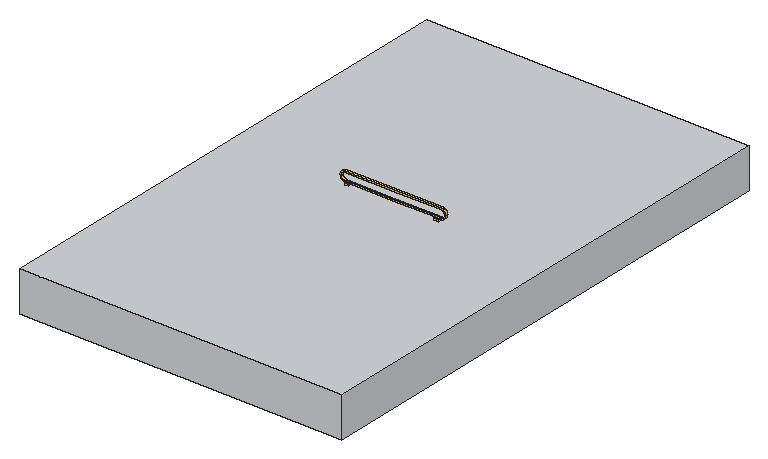
Revit family "Towel_Bar-GROHE-Starlight-41058_Series", category Plumbing Fixtures, host Face, Revit 2016
Family settings
  Host = Face
  Part Type = Normal
  Round Connector Dimension = Use Diameter
  OmniClass Number = 23.40.20.21.27
  OmniClass Title = Towel Bars
  Cut with Voids When Loaded = No
  Shared = Yes
  Room Calculation Point = No
Parameters (values of type "41058GN0")
  Width = 3 3/16"  # constant formula
  Waste Connection = no
  Warranty Documentation Link = "https://cdn.cloud.grohe.com/tpi/1000/1900/1940/1949/1949006/original/1949006.pdf"
  WFU = 0  # constant formula
  Vent Connection = no
  URL = "https://www.grohe.us/"
  Type Comments = ""
  Product Page URL = ""
  Price = "Prices may vary. Please consult Manufacturer Representative for most up-to-date price list."  # constant formula
  Model = "41058GNO"
  Material = "Metal-Grohe-GN0-Brushed Cool Sunrise"
  Manufacturer = "Grohe"
  Length = 31 1/2"  # constant formula
  Installation Type = "Wall Mounted"
  Height = 31 1/2"
  HWFU = 0  # constant formula
  HW Connection = no
  Gap Length = 26 13/16"  # constant formula
  Flow Rate = ""  # constant formula
  Finish = Metal-Grohe-GN0-Brushed Cool Sunrise
  Description = "Grohe StarLight"  # constant formula
  Default Elevation = 0"  # constant formula
  Creation Date = "08/19/2020"  # constant formula
  CWFU = 0  # constant formula
  CW Connection = no
  Assembly Code = "D2010710"
Types (5): name | Model | Material | Finish
  41058000 | "41058GNO" | "Metal-Grohe-GN0-Brushed Cool Sunrise" | Metal-Grohe-GN0-Brushed Cool Sunrise
  41058A00 | "41058A00" | "Metal-Grohe-A00-Hard Graphite" | Metal-Grohe-A00-Hard Graphite
  41058BE0 | "41058BE0" | "Metal-Grohe-BE0-Polished Nickel" | Metal-Grohe-BE0-Polished Nickel
  41058EN0 | "41058EN0" | "Metal-Grohe-EN0-Brushed Nickel" | Metal-Grohe-EN0-Brushed Nickel
  41058GN0 | "41058GNO" | "Metal-Grohe-GN0-Brushed Cool Sunrise" | Metal-Grohe-GN0-Brushed Cool Sunrise
Reference planes (in)
  plane 1 "Center (Front/Back)": y = 0
  plane 2: z = 0
  plane 3 "Center (Left/Right)": x = -0.00271
  plane 4: z = 3.38878
  plane 5: z = 0.70312
  plane 6: y = -1.1875
  plane 7: y = -0.59375
  plane 8: x = 15.74729
  plane 9: x = -15.75271
  plane 10: z = 0.38951
  plane 11: z = 1.88914
  plane 12: z = 3.07618
  plane 13: z = 0.70312
  plane 14: x = -13.40896
  plane 15: x = 13.40354
  plane 16: x = -12.75271
  plane 17: x = -14.06521
  plane 18: x = 14.05979
  plane 19: x = 12.74729
Forms (in)
  Extrusion 1, solid
    sketch origin (0, 0, 0) x (1, 0, 0) y (0, 1, 0)
      loop
        line (-48, 72) -> (-48, -79.70833) -> (48, -79.70833) -> (48, 72) -> (-48, 72)
    from 0 to -12
  Extrusion 2, solid, material "Metal-Grohe-GN0-Brushed Cool Sunrise" <- "Finish"
    sketch origin (-10.30965, -1.1875, 48) x (-1, 0, 0) y (0, 0, 1)
      loop
        line (-24.51118, -47.29688) -> (-10.30694, -47.29688) -> (3.91993, -47.29688)
        arc (3.91993, -47.29688) -> (4.79077, -46.96736) -> (5.15595, -46.11086) r 1.18703
        arc (5.15595, -46.11086) -> (4.80827, -45.2715) -> (3.96892, -44.92382) r 1.18703
        line (3.96892, -44.92382) -> (-10.30694, -44.92382) -> (-24.56017, -44.92382)
        arc (-24.56017, -44.92382) -> (-25.39953, -45.2715) -> (-25.7472, -46.11086) r 1.18703
        arc (-25.7472, -46.11086) -> (-25.38203, -46.96736) -> (-24.51118, -47.29688) r 1.18703
      loop
        arc (-26.04472, -46.11086) -> (-25.60205, -47.17158) -> (-24.53976, -47.61049) r 1.50496
        line (-24.53976, -47.61049) -> (-10.30694, -47.61049) -> (3.94705, -47.61049)
        arc (3.94705, -47.61049) -> (5.01225, -47.16928) -> (5.45348, -46.10409) r 1.50642
        arc (5.45348, -46.10409) -> (5.01596, -45.04783) -> (3.9597, -44.61032) r 1.49378
        line (3.9597, -44.61032) -> (-24.55096, -44.61032)
        arc (-24.55096, -44.61032) -> (-25.6096, -45.05023) -> (-26.04472, -46.11086) r 1.49378
    from 0.59375 to 1.1875
  Extrusion 3, solid, material "Metal-Grohe-GN0-Brushed Cool Sunrise" <- "Finish"
    sketch origin (-10.30965, -1.1875, 48) x (-1, 0, 0) y (0, 0, 1)
      loop
        line (2.44306, -47.61049) -> (2.44306, -48) -> (3.75556, -48) -> (3.75556, -47.61049) -> (2.44306, -47.61049)
      loop
        line (-24.36944, -47.61049) -> (-24.36944, -48) -> (-23.05694, -48) -> (-23.05694, -47.61049) -> (-24.36944, -47.61049)
    from 0 to 1.1875
Cuts and joins
  joined: Extrusion 2, Extrusion 3
Lines and regions (in)
  Masking region 1
    outline origin (0, 0, 0) x (1, 0, 0) y (0, 1, 0)
      loop
        line (15.74737, 0) -> (-15.75084, 0) -> (-15.75084, -0.59375) -> (-14.06521, -0.59375) -> (-14.06521, -1.1875) -> (-12.75271, -1.1875) -> (-12.75271, -0.59375) -> (12.74729, -0.59375) -> (12.74729, -1.1875) -> (14.05979, -1.1875) -> (14.05979, -0.59375) -> (15.74737, -0.59375) -> (15.74737, 0)
  Masking region 2
    outline origin (0, 0, 0) x (1, 0, 0) y (0, 0, 1)
      loop
        line (-0.00271, 3.07618) -> (-14.27857, 3.07618)
        arc (-14.27857, 3.07618) -> (-15.11792, 2.7285) -> (-15.4656, 1.88914) r 1.18703
        arc (-15.4656, 1.88914) -> (-15.10042, 1.03264) -> (-14.22958, 0.70313) r 1.18703
        line (-14.22958, 0.70313) -> (-0.00271, 0.70313) -> (14.20153, 0.70312)
        arc (14.20153, 0.70312) -> (15.07237, 1.03264) -> (15.43755, 1.88914) r 1.18703
        arc (15.43755, 1.88914) -> (15.08988, 2.7285) -> (14.25052, 3.07618) r 1.18703
        line (14.25052, 3.07618) -> (-0.00271, 3.07618)
      loop
        line (14.24131, 3.38968) -> (-14.26935, 3.38968)
        arc (-14.26935, 3.38968) -> (-15.32561, 2.95217) -> (-15.76313, 1.89591) r 1.49378
        arc (-15.76313, 1.89591) -> (-15.3219, 0.83072) -> (-14.2567, 0.38951) r 1.50642
        line (-14.2567, 0.38951) -> (-14.06521, 0.38951) -> (-14.06521, 0) -> (-12.75271, 0) -> (-12.75271, 0.38951) -> (12.74729, 0.38951) -> (12.74729, 0) -> (14.05979, 0) -> (14.05979, 0.38951) -> (14.23011, 0.38951)
        arc (14.23011, 0.38951) -> (15.2924, 0.82842) -> (15.73507, 1.88914) r 1.50496
        arc (15.73507, 1.88914) -> (15.29995, 2.94977) -> (14.24131, 3.38968) r 1.49378
  symbolic lines, detail levels fine
    curve 1: line (-0.9525, -0.59375, 0) -> (-2.265, -0.59375, 0)
    curve 2: line (2.23425, -0.59375, 0) -> (0.92175, -0.59375, 0)
  symbolic lines, style "PlumbingFixtures", detail levels fine
    curve 3: line (12.74729, 0, 0.38951) -> (14.05979, 0, 0.38951)
    curve 4: line (-12.75271, 0, 0.38951) -> (-14.06521, 0, 0.38951)
Dimensions and locks (in)
  level to plane 4 = 3.38878"
  plane 5 to level = 45/64"
  plane 6 to plane 1 "Center (Front/Back)" = 1 3/16"
  equal spacing: plane 1 "Center (Front/Back)", plane 7, plane 6, locked at 0.59375 each
  equal spacing: plane 8, plane 3 "Center (Left/Right)", plane 9, locked at 15.75 each
  equal spacing: plane 4, plane 11, plane 10
  "Length": plane 8 to plane 9
  locked: plane 4 to plane 12 at 0.3126
  locked: plane 13 to plane 10 at 0.31361
  "Gap Length": plane 15 to plane 14
  equal spacing: plane 15, plane 3 "Center (Left/Right)", plane 14, locked at 13.40625 each
  locked: plane 16 to plane 17 at 1.3125
  equal spacing: plane 16, plane 14, plane 17, locked at 0.65625 each
  locked: plane 18 to plane 19 at 1.3125
  equal spacing: plane 18, plane 15, plane 19, locked at 0.65625 each
  radius of Extrusion 2 sketch curve = 1.49378"  (x3)
  radius of Extrusion 2 sketch curve = 1.18703"  (x4)
  radius of Extrusion 2 sketch curve = 1.50642"
  radius of Extrusion 2 sketch curve = 1.50496"
  aligned and locked: Extrusion 1 to plane 2
  aligned and locked: Extrusion 1 to level
  aligned and locked: Extrusion 2 sketch curve to plane 10
  aligned and locked: Extrusion 3 sketch curve to plane 10
  aligned and locked: level to Extrusion 3 sketch curve
  aligned and locked: Extrusion 2 to plane 7
  aligned and locked: Extrusion 3 to plane 6
  aligned and locked: plane 6 to Extrusion 3
  aligned and locked: Extrusion 3 to plane 1 "Center (Front/Back)"
  aligned and locked: Masking region 1 sketch curve to cut or joined group of Extrusion 2, Extrusion 3  (x4)
  aligned and locked: cut or joined group of Extrusion 2, Extrusion 3 to Masking region 1 sketch curve  (x3)
  aligned and locked: plane 13 to Extrusion 2 sketch curve
  aligned and locked: plane 12 to Extrusion 2 sketch curve
  aligned and locked: Extrusion 2 sketch curve to plane 11  (x2)
  aligned and locked: Extrusion 2 sketch curve to plane 12
  aligned and locked: Extrusion 2 sketch curve to plane 13
  aligned and locked: plane 2 to cut or joined group of Extrusion 2, Extrusion 3
  aligned and locked: plane 16 to Extrusion 3 sketch curve
  aligned and locked: Extrusion 3 sketch curve to plane 17
  aligned and locked: Extrusion 3 sketch curve to cut or joined group of Extrusion 2, Extrusion 3
  aligned and locked: Extrusion 3 sketch curve to level
  aligned and locked: plane 18 to Extrusion 3 sketch curve
  aligned and locked: Extrusion 3 sketch curve to plane 19
  aligned and locked: Masking region 2 sketch curve to cut or joined group of Extrusion 2, Extrusion 3  (x17)
  aligned and locked: curve 3 to cut or joined group of Extrusion 2, Extrusion 3
  aligned and locked: cut or joined group of Extrusion 2, Extrusion 3 to curve 4
Automatic sketch dimensions
  Extrusion 1 sketch curve to Extrusion 1 sketch curve = 96"
  Extrusion 1 sketch curve to Extrusion 1 sketch curve = 151.70833"
  Extrusion 2 sketch curve to plane 3 "Center (Left/Right)" = 0"  (x3)
  Extrusion 2 sketch curve to Extrusion 2 sketch curve = 0.00921"  (x2)
  Extrusion 2 sketch curve to Extrusion 2 sketch curve = 0.02713"
  Extrusion 2 sketch curve to plane 14 = 0.82062"
  Extrusion 2 sketch curve to Extrusion 2 sketch curve = 0"
  plane 15 to Extrusion 2 sketch curve = 0.79799"
  curve 1 to plane 7 = 0"
  curve 2 to plane 7 = 0"
  curve 1 to plane 3 "Center (Left/Right)" = 2.26229"
  curve 1 to plane 3 "Center (Left/Right)" = 0.94979"
  plane 3 "Center (Left/Right)" to curve 2 = 0.92446"
  curve 2 to curve 2 = 1 5/16"
  plane 7 to Masking region 1 sketch curve = 0"  (x2)
  plane 6 to Masking region 1 sketch curve = 0"
  plane 9 to Masking region 1 sketch curve = 0.00187"
  plane 8 to Masking region 1 sketch curve = 0.00008"
  Masking region 2 sketch curve to plane 3 "Center (Left/Right)" = 0"  (x2)
  Masking region 2 sketch curve to plane 10 = 0"
  curve 4 to plane 17 = 0"
  curve 4 to plane 16 = 0"
  curve 3 to plane 19 = 0"
  curve 3 to plane 18 = 0"
